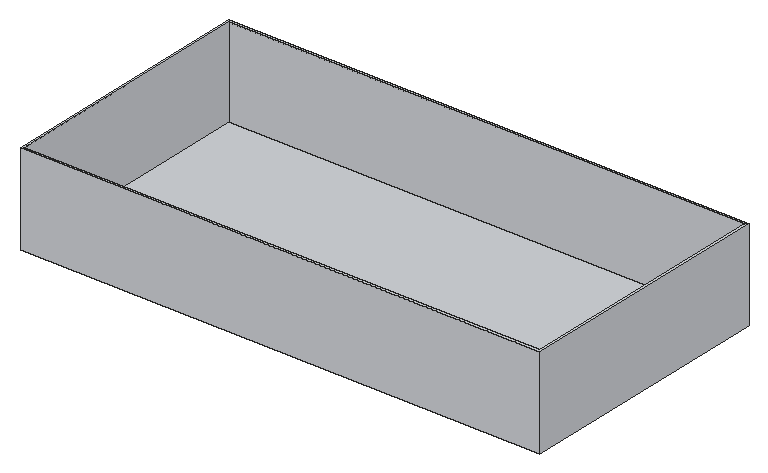
Revit family "Panelboard_800A_Cable_Spreader-empty-UK-en", category Electrical Equipment, host Face, Revit 2020
Family settings
  Host = Face
  Panel Configuration = Two Columns, Circuits Across
  Round Connector Dimension = Use Diameter
  Part Type = Panelboard
  Cut with Voids When Loaded = No
  Shared = No
  Room Calculation Point = No
Parameters (values of type "Surface mounted P2XC W900 H450 D158 0 Modular spacings - JF806E")
  Width Control [instance] = if([HG000006 - Flush mounted], if([EF000846 - Built-in width] > min_whd, [EF000846 - Built-in width], min_whd), if([EF000008 - Width] > min_whd, ([EF000008 - Width]), min_whd))  # 900 mm
  Void Depth [instance] = if([HG000006 - Flush mounted], Depth Control, 1 mm)  # 1 mm
  Type Comments = [HG000003 - Range]  # "Panelboards"
  System Height [instance] = Height Control - 2 * [HG000005 - Thickness]  # 444 mm
  Model = [HG000004 - Manufacturer reference]  # "JF806E"
  HG000017 - Distance between poles = 18 mm
  HG000016 - Door 3d visibility [instance] = yes
  HG000015 - Clearance visibility [instance] = no
  HG000014 - Door on the right [instance] = yes
  HG000013 - Door on the left [instance] = not([HG000014 - Door on the right])  # no
  HG000012 - Door swing angle [instance] = 45.00°
  HG000011 - Empty rows from bottom = no
  HG000005 - Thickness = 3 mm  # constant formula
  Arrow Offset [instance] = Depth Control / 8  # 19.75 mm
  Arrow Height [instance] = Depth Control - Arrow Offset  # 138.25 mm
  Host Offset [instance] = if([HG000006 - Flush mounted], 0 mm, [EF000049 - Depth])  # 158 mm
  min_whd [instance] = (2 * [HG000005 - Thickness]) + 1 mm  # 7 mm
  Manufacturer = "Hager"  # constant formula
  Height Control [instance] = if([HG000006 - Flush mounted], if([EF000332 - Built-in height] > min_whd, [EF000332 - Built-in height], min_whd), if([EF000040 - Height] > min_whd, ([EF000040 - Height]), min_whd))  # 450 mm
  HG000010 - Asymmetric doors = no
  HG000009 - Double swing door = no
  HG000008 - Number of empty rows = 0
  HG000007 - Number of empty columns = 0
  HG000006 - Flush mounted = no
  HG000004 - Manufacturer reference = "JF806E"
  HG000003 - Range = "Panelboards"
  HG000002 - With door or cover = no
  HG000001 - Number of columns = 0
  Flush Mounted - Door Frame Width [instance] = if(([EF000040 - Height] - [EF000332 - Built-in height]) > 0 mm, if([HG000006 - Flush mounted], [EF000040 - Height] - [EF000332 - Built-in height], 0 mm), 0 mm)  # 0 mm
  EF015941 - Signal passing door = no
  EF015777 - Neutral terminal block = no
  EF015776 - Earthing terminal block = no
  EF009212 - Cover model = ""
  EF006306 - With lock = no
  EF006244 - Transparent cover/door = no
  EF005474 - Degree of protection (IP) = "EV009848 - IP2XC"
  EF004462 - Type of closure = "EV001412 - Cylinder"
  EF002950 - Width in number of modular spacings = 0
  EF001596 - Material housing = "EV000179 - Steel"
  EF001134 - DIN-rail = no
  EF001131 - Internal depth = 0 mm
  EF001088 - Extension possible = no
  EF001062 - EMC-version = no
  EF000846 - Built-in width = 0 mm
  EF000339 - Type of cover = "EV004216 - Door"
  EF000332 - Built-in height = 0 mm
  EF000266 - Number of rows = 0
  EF000218 - Built-in depth = 0 mm
  EF000118 - With mounting plate = no
  EF000116 - RAL-number = ""
  EF000049 - Depth = 158 mm
  EF000040 - Height = 450 mm
  EF000008 - Width = 900 mm
  EF000007 - Colour = "EV000154 - Other"
  EF000003 - Mounting method = "EV000384 - Surface mounted (plaster)"
  Depth Control [instance] = if([HG000006 - Flush mounted], if([EF000218 - Built-in depth] > 0 mm, [EF000218 - Built-in depth], 1 mm), if([EF000049 - Depth] > 0 mm, ([EF000049 - Depth]), 1 mm))  # 158 mm
  Default Elevation = 0 mm
Types (2, lengths in mm): name | System Height | Model | Height Control | HG000004 - Manufacturer reference | EF001088 - Extension possible | EF000040 - Height
  Surface mounted P2XC W900 H300 D158 0 Modular spacings - JF805E | 294 | "JF805E" | 300 | "JF805E" | yes | 300
  Surface mounted P2XC W900 H450 D158 0 Modular spacings - JF806E | 444 | "JF806E" | 450 | "JF806E" | no | 450
Reference planes
  plane 1 "Center (Front/Back)": y = 0
  plane 2: z = 0
  plane 3 "Center (Left/Right)": x = 0
  plane 4: z = 158
  plane 5: y = 3
  plane 6: z = 153
  plane 7: y = 225
  plane 8: y = 0
  plane 9: y = 450
  plane 10: z = 0
  plane 11: x = -450
  plane 12: x = 450
  plane 13: x = 447
  plane 14: x = -447
  plane 15: y = 447
  plane 16: z = 3
  plane 17: z = 155
  plane 18: z = -1
  plane 19: z = 155
Forms (mm)
  Extrusion 1, solid
    sketch origin (-583.045, 0, 1219.2) x (-1, 0, 0) y (0, 0, 1)
      loop
        line (-133.045, -1061.2) -> (-1033.045, -1061.2) -> (-1033.045, -1219.2) -> (-133.045, -1219.2) -> (-133.045, -1061.2)
    from 0 to 450 <- "Height Control"
  Extrusion 2, void
    sketch origin (-381.607, -4572, 158) x (0, -1, 0) y (-1, 0, 0)
      loop
        line (-5019, 65.393) -> (-5019, -828.607) -> (-4575, -828.607) -> (-4575, 65.393) -> (-5019, 65.393)
    from 0 to 155
  Extrusion 3, void
    sketch origin (0, 0, 0) x (1, 0, 0) y (0, 1, 0)
      loop
        line (-450, 0) -> (450, 0) -> (450, 450) -> (-450, 450) -> (-450, 0)
    from -1 to 1
  Extrusion 4, solid, detail levels coarse+medium
    sketch origin (-381.607, -4572, 158) x (-1, 0, 0) y (0, -1, 0)
      loop
        line (65.393, -5019) -> (65.393, -4575) -> (-828.607, -4575) -> (-828.607, -5019) -> (65.393, -5019)
    from 0 to -3
Cuts and joins
  Extrusion 2 cuts Extrusion 1
Dimensions and locks
  plane 4 to plane 6 = 5 mm
  "Host Offset": plane 4 to host face
  "Flush Mounted - Door Frame Width": plane 1 "Center (Front/Back)" to plane 8
  "HG000005 - Thickness": plane 5 to plane 8
  locked: connector elem to plane 3 "Center (Left/Right)"
  "Height Control": plane 9 to plane 8
  equal spacing: plane 9, plane 7, plane 8
  locked: connector elem to plane 7
  "Depth Control": plane 4 to plane 10
  "HG000005 - Thickness": plane 11 to plane 14
  "HG000005 - Thickness": plane 12 to plane 13
  equal spacing: plane 11, plane 3 "Center (Left/Right)", plane 12
  "Width Control": plane 11 to plane 12
  "Arrow Offset": nested 4 to plane 10
  "HG000005 - Thickness": plane 9 to plane 15
  "HG000005 - Thickness": plane 16 to plane 10
  "HG000005 - Thickness": plane 4 to plane 17
  "Void Depth": plane 2 to plane 18
  "HG000005 - Thickness": plane 4 to plane 19
  aligned and locked: plane 2 to host face
  aligned and locked: level to host face
  aligned and locked: plane 3 "Center (Left/Right)" to nested 2
  aligned and locked: nested 2 to plane 4
  aligned and locked: nested 2 to plane 8
  aligned and locked: nested 1 to plane 6
  aligned and locked: nested 1 to plane 5
  aligned and locked: nested 4 to plane 11
  aligned and locked: nested 3 to plane 4
  aligned and locked: Extrusion 1 sketch curve to plane 12
  aligned and locked: Extrusion 1 sketch curve to plane 11
  aligned and locked: nested 3 to plane 10
  aligned and locked: plane 10 to Extrusion 1 sketch curve
  aligned and locked: Extrusion 2 sketch curve to plane 5
  aligned and locked: Extrusion 2 sketch curve to plane 15
  aligned and locked: Extrusion 2 sketch curve to plane 14
  aligned and locked: Extrusion 2 sketch curve to plane 13
  aligned and locked: plane 11 to Extrusion 3 sketch curve
  aligned and locked: plane 9 to Extrusion 3 sketch curve
  aligned and locked: Extrusion 3 sketch curve to plane 8
  aligned and locked: plane 12 to Extrusion 3 sketch curve
  aligned and locked: nested 3 to plane 12
  aligned and locked: Extrusion 3 to plane 18
  aligned and locked: Extrusion 2 to plane 16
  aligned and locked: Extrusion 1 sketch curve to plane 4
  aligned and locked: Extrusion 4 to plane 17
  aligned and locked: Extrusion 4 sketch curve to plane 15
  aligned and locked: Extrusion 4 sketch curve to plane 13
  aligned and locked: Extrusion 4 sketch curve to plane 14
  aligned and locked: Extrusion 4 sketch curve to plane 5
Automatic sketch dimensions
  host sketch curve to host sketch curve = 1469.727 mm
  host sketch curve to host sketch curve = 1434.803 mm
Nested families
  nested 1: "Hager_Enclosure_System" at (0, 3, 153) x (1, 0, 0) z (0, 1, 0), Depth <- "HG000005 - Thickness", Height <- "System Height", Width <- "EF000008 - Width", Border <- "HG000005 - Thickness", Flush_Mounted <- "HG000006 - Flush mounted", Built-in_Width <- "EF000846 - Built-in width", Row_Module_Multiplicator <- "EF002950 - Width in number of modular spacings", Total_No_Empty_Rows <- "HG000008 - Number of empty rows", Total_No_Rows <- "EF000266 - Number of rows", Empty_Columns <- "HG000007 - Number of empty columns", Width_Control <- "Width Control", Empty_Rows_From_Bottom <- "HG000011 - Empty rows from bottom", Distance_Between_Poles <- "HG000017 - Distance between poles", Rows_Count <- "EF000266 - Number of rows", Columns_Count <- "HG000001 - Number of columns", type "Hager_Enclosure_System", detail levels fine
    with Width_Control 900 mm, Width 900 mm, Total_No_Rows 0, Total_No_Empty_Rows 0, Total_No_Columns 1, System_Width 894 mm, Rows_Count 0, Rows_Column 0, Row_Module_Multiplicator 0, Panel_4 no, Panel_3 no, Panel_2 no, Panel_1 no, No_Panels_Ctrl 1, Hide_Columns yes, Height 444 mm, Flush_Mounted no, Empty_Rows_From_Bottom no, Empty_Rows_Column 0, Empty_Columns 0, Distance_Between_Poles 18 mm, Depth 3 mm, Columns_Count 0, Column_Width 894 mm, Built-in_Width 0 mm, Border 3 mm
  nested 2: "Hager_Enclosure_Door" at (0, 0, 158) x (1, 0, 0) z (0, 1, 0), Border <- "HG000005 - Thickness", Door_Right <- "HG000014 - Door on the right", Flush_Mounted <- "HG000006 - Flush mounted", Depth <- "EF000049 - Depth", Width <- "EF000008 - Width", Door_Left <- "HG000013 - Door on the left", 3d_Door <- "HG000016 - Door 3d visibility", BuiltIn_Width <- "EF000846 - Built-in width", BuiltIn_Height <- "EF000332 - Built-in height", BuiltIn_Depth <- "EF000218 - Built-in depth", Angle <- "HG000012 - Door swing angle", Assymetrical <- "HG000010 - Asymmetric doors", Double <- "HG000009 - Double swing door", Clearance <- "HG000015 - Clearance visibility", Transparent <- "EF006244 - Transparent cover/door", Door <- "HG000002 - With door or cover", Height_Ctrl <- "Height Control", Width_Ctrl <- "Width Control", Height <- "EF000040 - Height", type "Hager_Enclosure_Door", detail levels medium+fine
    with min_wh 7 mm, Width_Ctrl 900 mm, Width 900 mm, Transparent_Door_No_Bottom_Border no, Transparent no, Leaf_Width 891 mm, Leaf_Tolerance 1.5 mm, Leaf_Height 441 mm, Leaf_2_Width 891 mm, Leaf_2_Offset 445.5 mm, Leaf_1_Width 891 mm, Leaf_1_Offset 445.5 mm, Height_Ctrl 450 mm, Height 450 mm, Frame_Width_Ctrl 900 mm, Frame_Width 900 mm, Frame_Internal_Offset 0 mm, Frame_Height_Ctrl 450 mm, Frame_Height 450 mm, Frame_Depth_Ctrl 1 mm, Frame_Depth 0 mm, Flush_Mounted no, Double_Clearance_Ctrl no, Double no, Door_Right_Ctrl no, Door_Right yes, Door_Left_Ctrl no, Door_Left no, Door no, Depth 158 mm, Clearance_Depth 891 mm, Clearance_Ctrl no, Clearance no, BuiltIn_Width 0 mm, BuiltIn_Height 0 mm, BuiltIn_Depth 0 mm, Border 3 mm, Assymetrical no, Angle 45.00°, 3d_Door yes
  nested 3: "Hager_Enclosure_Symbol_Triangle" at (-450, 0, 0) x (1, 0, 0) z (0, -1, 0), Depth <- "Depth Control", Width <- "Width Control", type "Hager_Enclosure_Symbol_Triangle"
    with Width_Ctrl 900 mm, Width 900 mm, Depth_Ctrl 158 mm, Depth 158 mm
  nested 4: "Hager_Enclosure_Symbol_Arrow" at (-450, 0, 19.75) x (1, 0, 0) z (0, -1, 0), Height <- "Arrow Height", type "Hager_Enclosure_Symbol_Arrow"
    with Width_Inside 10.369 mm, Width 124.425 mm, Height_Ctrl 138.25 mm, Height 138.25 mm
Connectors
  electrical at (0, 225, 0)
    settings: on plane 10, index 1, voltage 0 V, apparent load 0 VA, apparent load phase1 0 VA, apparent load phase2 0 VA, apparent load phase3 0 VA, power factor 1, load classification "Other", number of poles 1, system type 30, power factor state 1, is connector primary yes, connector utility no, sub classification motor no, connector description ""
Definition of nested family "Hager_Enclosure_Door"
  Parameters (values of type "Hager_Enclosure_Door")
    min_wh [instance] = (2 * Border) + 1 mm  # 11 mm
    Width_Ctrl [instance] = 400 mm
    Width [instance] = 500 mm
    Transparent_Door_No_Bottom_Border [instance] = no
    Transparent [instance] = yes
    Leaf_Width [instance] = if((Width_Ctrl - 2 * Border - 2 * Leaf_Tolerance) > 0 mm, (Width_Ctrl - 2 * Border - 2 * Leaf_Tolerance), min_wh)  # 387 mm
    Leaf_Tolerance [instance] = 1.5 mm  # constant formula
    Leaf_Height [instance] = if((Height_Ctrl - 2 * Border - 2 * Leaf_Tolerance) > 0 mm, (Height_Ctrl - 2 * Border - 2 * Leaf_Tolerance), min_wh)  # 387 mm
    Leaf_2_Width [instance] = if(and(and(Double, Assymetrical), Door_Left), (Leaf_Width / 3) - (Leaf_Tolerance / 2), if(and(and(Double, Assymetrical), Door_Right), (Leaf_Width / 3) * 2 - (Leaf_Tolerance / 2), if(and(Double, not(Assymetrical)), (Leaf_Width / 2) - Leaf_Tolerance, Leaf_Width)))  # 387 mm
    Leaf_2_Offset [instance] = if(and(Double, Assymetrical), Leaf_2_Width / 2, if(and(Double, not(Assymetrical)), Leaf_Width / 4, Leaf_Width / 2))  # 193.5 mm
    Leaf_1_Width [instance] = if(and(and(Double, Assymetrical), Door_Right), (Leaf_Width / 3) - (Leaf_Tolerance / 2), if(and(and(Double, Assymetrical), Door_Left), (Width / 3) * 2 - (Leaf_Tolerance / 2), if(and(Double, not(Assymetrical)), (Leaf_Width / 2) - Leaf_Tolerance, Leaf_Width)))  # 387 mm
    Leaf_1_Offset [instance] = if(and(Double, Assymetrical), Leaf_1_Width / 2, if(and(Double, not(Assymetrical)), Leaf_Width / 4, Leaf_Width / 2))  # 193.5 mm
    Height_Ctrl [instance] = 400 mm
    Height [instance] = 500 mm
    Frame_Width_Ctrl [instance] = if(Frame_Width > 0 mm, Frame_Width, 1 mm)  # 1 mm
    Frame_Width [instance] = Width - BuiltIn_Width  # 0 mm
    Frame_Internal_Offset [instance] = if(Flush_Mounted, Border, 0 mm)  # 5 mm
    Frame_Height_Ctrl [instance] = if(Frame_Height > 0 mm, Frame_Height, 1 mm)  # 1 mm
    Frame_Height [instance] = Height - BuiltIn_Height  # 0 mm
    Frame_Depth_Ctrl [instance] = if(Frame_Depth > 0 mm, Frame_Depth, 1 mm)  # 1 mm
    Frame_Depth [instance] = if(Depth - BuiltIn_Depth > 0 mm, if(Flush_Mounted, Depth - BuiltIn_Depth, 0 mm), 0 mm)  # 0 mm
    Flush_Mounted [instance] = yes
    Double_Clearance_Ctrl [instance] = and(Double, Clearance)  # no
    Double [instance] = no
    Door_Right_Ctrl [instance] = and(or(Door_Right, Double), Door)  # yes
    Door_Right [instance] = yes
    Door_Left_Ctrl [instance] = and(or(Door_Left, Double), Door)  # no
    Door_Left [instance] = no
    Door [instance] = yes
    Depth [instance] = 500 mm
    Default Elevation = 1219.2 mm
    Clearance_Material = none
    Clearance_Depth [instance] = if(Leaf_1_Width > Leaf_2_Width, Leaf_1_Width, Leaf_2_Width)  # 387 mm
    Clearance_Ctrl [instance] = and(not(Double), Clearance)  # yes
    Clearance [instance] = yes
    BuiltIn_Width [instance] = 500 mm
    BuiltIn_Height [instance] = 500 mm
    BuiltIn_Depth [instance] = 500 mm
    Border [instance] = 5 mm
    Assymetrical [instance] = yes
    Angle [instance] = 30.00°
    3d_Door [instance] = yes
  Reference planes
    plane 1 "Center (Front/Back)": y = 0
    plane 2 "Bottom": z = 0
    plane 3 "Center (Left/Right)": x = 0
    plane 4: z = 400
    plane 5: x = -200
    plane 6: x = 200
    plane 7: z = 395
    plane 8: x = -195
    plane 9: z = 5
    plane 10: x = 195
    plane 11: y = 0
    plane 12: z = 6.5
    plane 13: x = -582
    plane 14: y = -387
    plane 15: x = 582
    plane 16: x = 0
    plane 17: x = 0
    plane 18: x = -193.5
    plane 19: x = 193.5
    plane 20: z = 393.5
  Forms (mm)
    Extrusion 1, solid, visible <- "Flush_Mounted"
      sketch origin (0, 0, 0) x (1, 0, 0) y (0, 0, 1)
        loop
          line (195, 5) -> (195, 395) -> (-195, 395) -> (-195, 5) -> (195, 5)
        loop
          line (-201, 401) -> (-201, -1) -> (201, -1) -> (201, 401) -> (-201, 401)
      from 0 to 1 <- "Frame_Depth_Ctrl"
    Extrusion 2, solid, material <- "Clearance_Material", visible <- "Double_Clearance_Ctrl"
      sketch origin (1200, 0, 0) x (1, 0, 0) y (0, 0, -1)
        loop
          line (-1782, -393.5) -> (-618, -393.5) -> (-618, 0) -> (-1782, 0) -> (-1782, -393.5)
      from 0 to -387
  Dimensions and locks
    equal spacing: plane 5, plane 3 "Center (Left/Right)", plane 6
    "Width_Ctrl": plane 5 to plane 6
    "Border": plane 5 to plane 8
    "Border": plane 6 to plane 10
    "Border": plane 9 to level
    "Border": plane 4 to plane 7
    "Height_Ctrl": plane 4 to level
    "Leaf_Tolerance": plane 12 to plane 9
    "Frame_Depth": plane 11 to plane 1 "Center (Front/Back)"
    "Frame_Width_Ctrl": plane 5 to Extrusion 1 sketch curve
    "Frame_Width_Ctrl": plane 6 to Extrusion 1 sketch curve
    "Frame_Width_Ctrl": Extrusion 1 sketch curve to plane 4
    "Frame_Width_Ctrl": plane 2 "Bottom" to Extrusion 1 sketch curve
    "Leaf_1_Offset": plane 18 to plane 16
    "Leaf_2_Offset": plane 17 to plane 19
    "Leaf_1_Width": plane 13 to plane 8
    "Leaf_2_Width": plane 10 to plane 15
    "Clearance_Depth": plane 14 to plane 1 "Center (Front/Back)"
    "Leaf_Tolerance": plane 8 to plane 18
    "Leaf_Tolerance": plane 19 to plane 10
    "Leaf_Tolerance": plane 7 to plane 20
    "Frame_Internal_Offset": plane 5 to Extrusion 1 sketch curve
    "Frame_Internal_Offset": Extrusion 1 sketch curve to plane 2 "Bottom"
    "Frame_Internal_Offset": plane 6 to Extrusion 1 sketch curve
    "Frame_Internal_Offset": plane 4 to Extrusion 1 sketch curve
    aligned and locked: level to plane 2 "Bottom"
    aligned and locked: nested 1 to plane 16
    aligned and locked: nested 2 to plane 17
    aligned and locked: Extrusion 2 to plane 13
    aligned and locked: plane 15 to Extrusion 2
    aligned and locked: Extrusion 2 to plane 14
    aligned and locked: plane 12 to nested 1
    aligned and locked: nested 2 to plane 12
    aligned and locked: Extrusion 2 to plane 11
    aligned and locked: plane 20 to Extrusion 2
    aligned and locked: nested 2 to plane 11
    aligned and locked: nested 1 to plane 11
  Automatic sketch dimensions
    Extrusion 2 sketch curve to level = 0 mm
    plane 5 to Extrusion 2 sketch curve = 382 mm
    plane 6 to Extrusion 2 sketch curve = 382 mm
    Extrusion 2 sketch curve to plane 4 = 6.5 mm
  Nested families
    nested 1: "Hager_Enclosure_Door_Leaf" at (0, 0, 6.5), Width <- "Leaf_1_Width", visible <- "Door_Left_Ctrl", Leaf_Height <- "Leaf_Height", Angle <- "Angle", Depth <- "Border", 3d_Door <- "3d_Door", Transparent <- "Transparent", Clearance Material <- "Clearance_Material", Clearance <- "Clearance_Ctrl", Transparent_Door_No_Bottom_Border <- "Transparent_Door_No_Bottom_Border", type "Hager_Enclosure_Door_Leaf"
      with Width 387 mm, Transparent_Door_No_Bottom_Border no, Transparent_Door_Border_Bottom_Top 25 mm, Transparent_Door_Border 25 mm, Transparent_Ctrl yes, Transparent yes, Standard no, Leaf_Height 387 mm, Glass_Offset 1 mm, Depth 5 mm, Clearance Material none, Clearance yes, Angle_Ctrl 30.00°, Angle 30.00°, 3d_Door yes
    nested 2: "Hager_Enclosure_Door_Leaf" at (0, 0, 6.5) x (-1, 0, 0) z (0, 0, 1), Width <- "Leaf_2_Width", visible <- "Door_Right_Ctrl", Leaf_Height <- "Leaf_Height", Angle <- "Angle", Depth <- "Border", 3d_Door <- "3d_Door", Transparent <- "Transparent", Clearance Material <- "Clearance_Material", Clearance <- "Clearance_Ctrl", Transparent_Door_No_Bottom_Border <- "Transparent_Door_No_Bottom_Border", type "Hager_Enclosure_Door_Leaf"
      with Width 387 mm, Transparent_Door_No_Bottom_Border no, Transparent_Door_Border_Bottom_Top 25 mm, Transparent_Door_Border 25 mm, Transparent_Ctrl yes, Transparent yes, Standard no, Leaf_Height 387 mm, Glass_Offset 1 mm, Depth 5 mm, Clearance Material none, Clearance yes, Angle_Ctrl 30.00°, Angle 30.00°, 3d_Door yes
  Definition of nested family "Hager_Enclosure_Door_Leaf"
    Parameters (values of type "Hager_Enclosure_Door_Leaf")
      Width [instance] = 2000 mm
      Transparent_Door_No_Bottom_Border [instance] = yes
      Transparent_Door_Border_Bottom_Top [instance] = if(Transparent_Door_No_Bottom_Border, 0.1 mm, Transparent_Door_Border)  # 0.1 mm
      Transparent_Door_Border [instance] = if(Transparent_Door_No_Bottom_Border, (Width * 0.12), 25 mm)  # 240 mm
      Transparent_Ctrl [instance] = and(Transparent, [3d_Door])  # yes
      Transparent [instance] = yes
      Standard [instance] = and(not(Transparent), [3d_Door])  # no
      Leaf_Height [instance] = 2720.336 mm
      Glass_Offset [instance] = if((Depth - 10 mm) / 2 > 0 mm, (Depth - 10 mm) / 2, 1 mm)  # 15 mm
      Glass_Material = none
      Depth [instance] = 40 mm
      Default Elevation = 0 mm
      Clearance Material [instance] = none
      Clearance [instance] = yes
      Angle_Ctrl [instance] = if(Angle > 170.00°, 170.00°, Angle)  # 45.00°
      Angle [instance] = 45.00°
      3d_Door [instance] = yes
    Reference planes
      plane 1 "Center (Front/Back)": y = 0
      plane 2: z = 0
      plane 3 "Center (Left/Right)": x = 0
      plane 4: y = 2000
      plane 5: x = -1000
      plane 6: x = 1000
      plane 7: x = -3000
      plane 8: z = 2720.336
      plane 9: z = 0.1
      plane 10: z = 2720.236
      plane 11: x = 760
      plane 12: x = -760
    Forms (mm)
      Extrusion 1, solid, material <- "Clearance Material", visible <- "Clearance"
        sketch origin (0, 0, 0) x (1, 0, 0) y (0, 0, 1)
          loop
            line (-3000, 2720.336) -> (-3000, 0) -> (1000, 0) -> (1000, 2720.336) -> (-3000, 2720.336)
        from 0 to -2000
      Extrusion 2, solid, visible <- "Standard", detail levels medium+fine
        sketch origin (-1000, 0, 0) x (0.707107, 0.707107, 0) y (-0.707107, 0.707107, 0)
          loop
            line (0, -40) -> (2000, -40) -> (2000, 0) -> (0, 0) -> (0, -40)
        from 0 to 2720.336 <- "Leaf_Height"
      Extrusion 3, solid, visible <- "Transparent_Ctrl", detail levels medium+fine
        sketch origin (-1000, 0, 0) x (0.707107, 0.707107, 0) y (-0.707107, 0.707107, 0)
          loop
            line (0, -40) -> (2000, -40) -> (2000, 0) -> (0, 0) -> (0, -40)
        from 0 to 2720.336 <- "Leaf_Height"
      Extrusion 4, void, detail levels medium+fine
        sketch origin (-1000, 0, 0) x (-0.707107, 0.707107, 0) y (0.707107, 0.707107, 0)
          loop
            line (0, 240) -> (0, 1760) -> (-40, 1760) -> (-40, 240) -> (0, 240)
        from -2720.236 to -0.1
      Extrusion 5, solid, material <- "Glass_Material", visible <- "Transparent_Ctrl", detail levels medium+fine
        sketch origin (-1000, 0, 0) x (0.707107, 0.707107, 0) y (-0.707107, 0.707107, 0)
          loop
            line (240, -15) -> (240, -25) -> (1760, -25) -> (1760, -15) -> (240, -15)
        from 0.1 to 2720.236
    Cuts and joins
      Extrusion 4 cuts Extrusion 3
    Lines and regions (mm)
      symbolic lines
        curve 1: line (1000, 0, 0) -> (-3000, 0, 0)
        curve 2: arc (1000, 0, 0) -> (-1000, 2000, 0) -> (-3000, 0, 0) r 2000
        curve 4: line (-1000, 0, 0) -> (414.214, 1414.214, 0)
      reference lines
        curve 3: line (-1000, 0, 0) -> (414.214, 1414.214, 0)
      symbolic lines, detail levels medium+fine
        curve 5: line (414.214, 1414.214, 0) -> (442.498, 1385.929, 0)
        curve 6: line (442.498, 1385.929, 0) -> (-971.716, -28.284, 0)
        curve 7: line (-971.716, -28.284, 0) -> (-1000, 0, 0)
        curve 8: line (-1000, 0, 2720.336) -> (1000, 0, 2720.336)
        curve 9: line (-1000, 0, 0) -> (-1000, 0, 2720.336)
        curve 10: line (1000, 0, 0) -> (-1000, 0, 0)
        curve 11: line (1000, 0, 2720.336) -> (1000, 0, 0)
      symbolic lines, visible <- "Transparent_Ctrl", detail levels medium+fine
        curve 12: line (-760, 0, 2720.236) -> (760, 0, 2720.236)
        curve 13: line (-760, 0, 0.1) -> (-760, 0, 2720.236)
        curve 14: line (760, 0, 0.1) -> (-760, 0, 0.1)
        curve 15: line (760, 0, 2720.236) -> (760, 0, 0.1)
    Dimensions and locks
      "Width": plane 1 "Center (Front/Back)" to plane 4
      equal spacing: plane 5, plane 3 "Center (Left/Right)", plane 6
      "Width": plane 5 to plane 6
      "Width": plane 7 to plane 5
      "Leaf_Height": plane 8 to level
      "Depth": curve 6 to curve 3
      "Width": curve 5 to curve 3
      "Width": curve 3 to curve 3
      "Transparent_Door_Border": Extrusion 4 sketch curve to curve 7
      "Transparent_Door_Border": Extrusion 4 sketch curve to curve 5
      "Transparent_Door_Border_Bottom_Top": plane 8 to plane 10
      "Transparent_Door_Border_Bottom_Top": plane 9 to level
      "Glass_Offset": Extrusion 5 sketch curve to curve 4
      "Glass_Offset": Extrusion 5 sketch curve to curve 6
      "Transparent_Door_Border": Extrusion 5 sketch curve to curve 5
      "Transparent_Door_Border": Extrusion 5 sketch curve to curve 7
      "Transparent_Door_Border": plane 12 to plane 5
      "Transparent_Door_Border": plane 6 to plane 11
      "Angle_Ctrl": angle plane 1 "Center (Front/Back)" to curve 3
      aligned and locked: level to plane 2
      aligned and locked: Extrusion 1 to curve 1
      aligned and locked: plane 6 to Extrusion 1
      aligned and locked: Extrusion 1 to plane 1 "Center (Front/Back)"
      aligned and locked: plane 4 to Extrusion 1
      aligned and locked: plane 8 to Extrusion 1
      aligned and locked: curve 4 to curve 3
      aligned and locked: Extrusion 2 sketch curve to curve 7
      aligned and locked: Extrusion 2 sketch curve to curve 6
      aligned and locked: Extrusion 2 sketch curve to curve 5
      aligned and locked: Extrusion 2 sketch curve to curve 3
      aligned and locked: curve 7 to Extrusion 3 sketch curve
      aligned and locked: Extrusion 3 sketch curve to curve 4
      aligned and locked: Extrusion 3 sketch curve to curve 6
      aligned and locked: Extrusion 3 sketch curve to curve 5
      aligned and locked: curve 4 to Extrusion 4 sketch curve
      aligned and locked: curve 6 to Extrusion 4 sketch curve
      aligned and locked: Extrusion 4 to plane 9
      aligned and locked: Extrusion 4 to plane 10
      aligned and locked: Extrusion 5 to plane 9
      aligned and locked: Extrusion 5 to plane 10
      aligned and locked: curve 8 to plane 8
      aligned and locked: plane 5 to curve 9
      aligned and locked: plane 2 to curve 10
      aligned and locked: curve 11 to plane 6
      aligned and locked: plane 10 to curve 12
      aligned and locked: plane 12 to curve 13
      aligned and locked: curve 14 to plane 9
      aligned and locked: plane 11 to curve 15
    Automatic sketch dimensions
      plane 1 "Center (Front/Back)" to curve 2 = 0 mm
      curve 2 to plane 5 = 0 mm
      Extrusion 1 sketch curve to level = 0 mm
      Extrusion 1 sketch curve to plane 7 = 0 mm
      Extrusion 1 sketch curve to plane 6 = 0 mm
      Extrusion 1 sketch curve to plane 8 = 0 mm
      plane 1 "Center (Front/Back)" to curve 3 = 0 mm
      curve 3 to plane 5 = 0 mm
      curve 7 to curve 3 = 0 mm
Definition of nested family "Hager_Enclosure_Symbol_Triangle"
  Parameters (values of type "Hager_Enclosure_Symbol_Triangle")
    Width_Ctrl [instance] = if(Width > 1 mm, Width, 1 mm)  # 498 mm
    Width [instance] = 498 mm
    Depth_Ctrl [instance] = if(Depth > 1 mm, Depth, 1 mm)  # 72 mm
    Depth [instance] = 72 mm
  Reference planes
    plane 1 "Centre (avant/arrière)": y = 0
    plane 2: z = 0
    plane 3 "Centre (gauche/droite)": x = 0
  Lines and regions (mm)
    Filled region 1, type "Solid_Black", in view "Niveau de réf."
      outline origin (0, 0, 0) x (1, 0, 0) y (0, 1, 0)
        loop
          line (0, 0) -> (498, 0) -> (498, 72) -> (0, 0)
    reference lines, in view "Niveau de réf."
      curve 1: line (-206.153, 72, 0) -> (1083.258, 72, 0)
      curve 2: line (498, 405.456, 0) -> (498, -517.619, 0)
  Dimensions and locks
    "Depth_Ctrl": plane 1 "Centre (avant/arrière)" to curve 1
    "Width_Ctrl": plane 3 "Centre (gauche/droite)" to curve 2
    aligned and locked: curve 1 to Filled region 1 sketch curve
    aligned and locked: Filled region 1 sketch curve to plane 1 "Centre (avant/arrière)"
    aligned and locked: curve 2 to Filled region 1 sketch curve
    aligned and locked: plane 3 "Centre (gauche/droite)" to Filled region 1 sketch curve
    aligned and locked: plane 1 "Centre (avant/arrière)" to Filled region 1 sketch curve
  Automatic sketch dimensions
    curve 1 to plane 3 "Centre (gauche/droite)" = 206.153 mm
    curve 2 to curve 1 = 585.258 mm
    plane 1 "Centre (avant/arrière)" to curve 2 = 517.619 mm
    curve 2 to plane 1 "Centre (avant/arrière)" = 405.456 mm
Definition of nested family "Hager_Enclosure_Symbol_Arrow"
  Parameters (values of type "Hager_Enclosure_Symbol_Arrow")
    Width_Inside [instance] = if(Width / 12 > 2 mm, Width / 12, 2 mm)  # 4.987 mm
    Width [instance] = if(Height_Ctrl * 0.9 > 2 mm, Height_Ctrl * 0.9, 2 mm)  # 59.85 mm
    Height_Ctrl [instance] = if(Height > 2 mm, Height, 2 mm)  # 66.5 mm
    Height [instance] = 66.5 mm
  Reference planes
    plane 1 "Centre (avant/arrière)": y = 0
    plane 2: z = 0
    plane 3 "Centre (gauche/droite)": x = 0
    plane 4: x = 59.85
    plane 5: y = 28.263
    plane 6: y = 38.238
    plane 7: y = 66.5
    plane 8: x = 29.925
    plane 9: y = 33.25
  Lines and regions (mm)
    Filled region 1, type "Solid_Black", in view "Niveau de réf."
      outline origin (0, 0, 0) x (1, 0, 0) y (0, 1, 0)
        loop
          line (59.85, 66.5) -> (37.929, 52.827) -> (51.846, 41.935) -> (59.85, 66.5)
    detail lines, in view "Niveau de réf."
      curve 1: line (0, 0, 0) -> (29.925, 38.238, 0)
      curve 2: line (29.925, 38.238, 0) -> (29.925, 28.263, 0)
      curve 3: line (29.925, 28.263, 0) -> (59.85, 66.5, 0)
  Dimensions and locks
    "Width": plane 3 "Centre (gauche/droite)" to plane 4
    "Height_Ctrl": plane 7 to plane 1 "Centre (avant/arrière)"
    equal spacing: plane 3 "Centre (gauche/droite)", plane 8, plane 4
    equal spacing: plane 7, plane 9, plane 1 "Centre (avant/arrière)"
    equal spacing: plane 6, plane 9, plane 5
    "Width_Inside": plane 6 to plane 9
    equal spacing: curve 3, Filled region 1 sketch curve, Filled region 1 sketch curve
    angle Filled region 1 sketch curve to curve 3 = 20.00°
    angle curve 3 to Filled region 1 sketch curve = 20.00°
    locked: curve 3 to Filled region 1 sketch curve (angle 90.00°)
  Automatic sketch dimensions
    plane 1 "Centre (avant/arrière)" to curve 1 = 0 mm
    curve 1 to plane 3 "Centre (gauche/droite)" = 0 mm
    curve 2 to plane 6 = 0 mm
    curve 3 to plane 8 = 0 mm
    curve 3 to plane 4 = 0 mm
    curve 2 to plane 5 = 0 mm
    curve 3 to plane 7 = 0 mm
    Filled region 1 sketch curve to plane 4 = 0 mm
    Filled region 1 sketch curve to plane 7 = 0 mm
